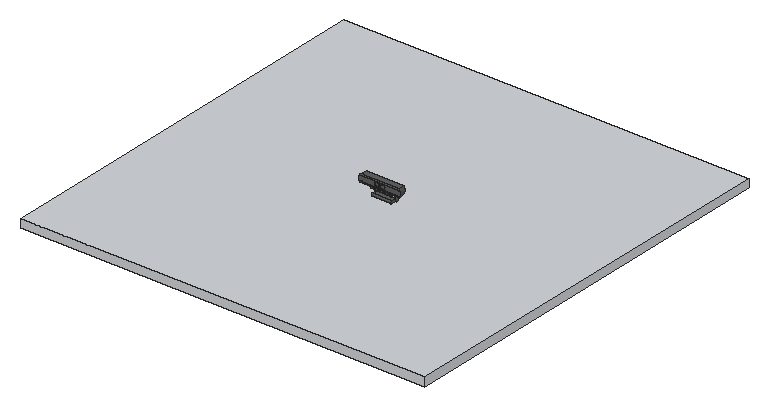
Revit family "Network Camera-ePTZ-Q-SYS-NC-90-G2", category Communication Devices, host Face, Revit 2023
Family settings
  Host = Face
  Round Connector Dimension = Use Diameter
  Part Type = Normal
  OmniClass Number = 23.85.10.14.11
  OmniClass Title = Cameras
  Cut with Voids When Loaded = No
  Maintain Annotation Orientation = No
  Shared = No
  Room Calculation Point = No
Parameters (values of type "Black")
  Weight = 1.50 lbm
  Wall Mounted [instance] = no
  Voltage DC = "PoE (Type 1)"  # constant formula
  Ceiling Mounted [instance] = yes
  Plan Symbol Vertical Offset [instance] = 0
  Plan Symbol Horizontal Offset [instance] = 0
  Pitch [instance] = 0.00°
  Part Number = "NC-90-G2"
  OmniClass Number = "23.85.10.14.11"
  Width = 252.7 mm
  Weight Product = 1.5
  Weight Dimensional = 1.5
  URL = "https://www.qsys.com"
  Type Comments = "Black"
  Sustainability Rating = "n/a"
  Speaker Offset Label [instance] = 0 mm
  Product Page URL = "https://www.qsys.com/products/q-sys/video/nc-series/nc-90/#slide321291_0"
  Product Documentation Link = "https://www.qsys.com/resource-files/productresources/dn/nc_series/q_dn_nc_series_eptzcameras_spec_sheet.pdf"
  Monitor Mounted [instance] = no
  Model = "NC-90-G2"
  Manufacturer URL = "https://www.qsys.com"
  Length 7 = Length 6 - 10 mm  # 109.85 mm
  Length 6 = Width / 2 - Length 5  # 119.85 mm
  Length 5 = 6.5 mm
  Length 4 = 40 mm
  Length 3 = 6 mm
  Length 2 = 54 mm
  Length 1 = 7.5 mm
  Label = ""
  IQ Category = "Network Camera"
  Height = 106 mm
  Offset = 279.4 mm
  Manufacturer = "Q-SYS"
  Highlight Material = Glass - Q-SYS - Lens
  Description = "Network ePTZ conference camera"
  Depth = 56 mm
  Default Elevation = 1219.2 mm
  Coverage Vertical = 120.00°
  Camera Half Width = 40 mm
  Camera Half Height = 44.682 mm
  Camera Front to Center = 73 mm
  Body Radius 2 = 93 mm
  Body Radius 1 = Width / 2  # 126.35 mm
  Body Material = Paint - Q-SYS - Black
  Base Z Offset [instance] = if(Monitor Mounted, 300 mm - Length 2 + 10.3 mm, 300 mm + Length 1)  # 307.5 mm
  Base Height = 100 mm
  Base 1 Width = 120 mm
  Assembly Code = "E1020500"
  Arm Y Offset [instance] = if(Wall Mounted, 30 mm, 0 mm)  # 0 mm
  Camera Pitch [instance] = if(Monitor Mounted, 110.00°, if(Wall Mounted, Pitch + 179.50°, Pitch + 90.00°))  # 90.00°
  Arm Pitch [instance] = if(Monitor Mounted, 70.00°, 90.00°)  # 90.00°
Reference planes
  plane 1 "Center (Front/Back)": y = 0
  plane 2: z = 0
  plane 3 "Center (Left/Right)": x = 0
  plane 4 "Left": x = -126.35
  plane 5 "Right": x = 126.35
  plane 6 "Front": y = -33
  plane 7 "Back": y = 23
  plane 8 "Bottom": z = 0
  plane 9 "Top": z = 106
  plane 10 "base 1 z cl": z = 7.5
  plane 11 "base 1 y cl": y = 0
  plane 12 "base 1 left": x = -60
  plane 13 "base 1 right": x = 60
  plane 14 "arm pivot y cl": y = 15
  plane 15 "arm pivot z cl": z = 7.5
  plane 16: x = 64
  plane 17: x = -64
  plane 18: y = 15
  plane 19: y = -15
  plane 20 "pivot": z = -300
Forms (mm)
  Extrusion 1, solid
    sketch origin (0, 0, 0) x (1, 0, 0) y (0, 1, 0)
      loop
        line (-1219.2, 1219.2) -> (-1219.2, -1219.2) -> (1219.2, -1219.2) -> (1219.2, 1219.2) -> (-1219.2, 1219.2)
    from 0 to -50.8
  Extrusion 2, solid, material "Paint - Q-SYS - Black" <- "Body Material", detail levels medium+fine
    sketch origin (0, 0, 0) x (0, 1, 0) y (0, 0, 1)
      loop
        line (15, 15) -> (-15, 15)
        arc (-15, 15) -> (-22.5, 7.5) -> (-15, 0) r 7.5
        line (-15, 0) -> (15, 0)
        arc (15, 0) -> (22.5, 7.5) -> (15, 15) r 7.5
    from -60 to 60
  Extrusion 3, solid, material "Paint - Q-SYS - Black" <- "Body Material", detail levels medium+fine
    sketch origin (0, 15, 7.5) x (0, 0, 1) y (0, -1, 0)
      loop
        line (0, -6) -> (54, -6)
        arc (54, -6) -> (60, 0) -> (54, 6) r 6
        line (54, 6) -> (0, 6)
        arc (0, 6) -> (-6, 0) -> (0, -6) r 6
    from 64 to 60
  Extrusion 4, solid, material "Paint - Q-SYS - Black" <- "Body Material", detail levels medium+fine
    sketch origin (0, 15, 7.5) x (0, 0, 1) y (0, -1, 0)
      loop
        arc (54, -6) -> (60, 0) -> (54, 6) r 6
        line (54, 6) -> (0, 6)
        arc (0, 6) -> (-6, 0) -> (0, -6) r 6
        line (0, -6) -> (54, -6)
    from -64 to -60
  Extrusion 5, solid, material "Paint - Q-SYS - Black" <- "Body Material", detail levels medium+fine
    sketch origin (0, 15, 61.5) x (0, -1, 0) y (0, 0, -1)
      loop
        line (7, 0) -> (43, 0) -> (43, 12) -> (40, 12) -> (40, 7) -> (-8, 7) -> (-8, -7) -> (7, -7) -> (7, 0)
    from -60 to 60
  Blend 6, solid, material "Paint - Q-SYS - Black" <- "Body Material", detail levels medium+fine
    base sketch origin (0, -80, 61.5) x (0, 0, 1) y (1, 0, 0)
      loop
        line (44.3, -119.85) -> (44.3, 119.85)
        arc (44.3, 119.85) -> (22.15, 126.352) -> (0, 119.85) r 40.98
        line (0, 119.85) -> (0, -119.85)
        arc (0, -119.85) -> (22.15, -126.352) -> (44.3, -119.85) r 40.98
    top sketch origin (0, -80, 61.5) x (0, 0, 1) y (1, 0, 0)
      loop
        line (44.3, -109.85) -> (44.3, 109.85)
        arc (44.3, 109.85) -> (22.15, 116.352) -> (0, 109.85) r 40.98
        line (0, 109.85) -> (0, -109.85)
        arc (0, -109.85) -> (22.15, -116.352) -> (44.3, -109.85) r 40.98
    from 47 to 88
  Extrusion 7, void
    sketch origin (0, -80, 61.5) x (0, 0, 1) y (0, -1, 0)
      loop
        arc (44.3, -52) -> (46.41, -44.89) -> (39.3, -47) r 4.218
        arc (39.3, -47) -> (42.836, -48.464) -> (44.3, -52) r 5
      loop
        arc (0, -52) -> (1.464, -48.464) -> (5, -47) r 5
        arc (5, -47) -> (-2.11, -44.89) -> (0, -52) r 4.218
    from -211.049 to 250
  Extrusion 8, void
    sketch origin (0, -80, 61.5) x (0, 0, 1) y (1, 0, 0)
      loop
        arc (34.15, 25) -> (22.15, 33.009) -> (10.15, 25) r 12.994
        line (10.15, 25) -> (10.15, -25)
        arc (10.15, -25) -> (22.15, -33.009) -> (34.15, -25) r 12.994
        line (34.15, -25) -> (34.15, 25)
    from 0 to 50
  Extrusion 9, void
    sketch origin (0, -80, 61.5) x (0, 0, 1) y (1, 0, 0)
      loop
        circle (22.15, 0) r 7
    from 0 to 52
  Extrusion 10, solid, detail levels coarse
    sketch origin (0, 0, 0) x (1, 0, 0) y (0, 1, 0)
      loop
        line (-126.35, 23) -> (-126.35, -33) -> (126.35, -33) -> (126.35, 23) -> (-126.35, 23)
    from 0 to 106
Cuts and joins
  Extrusion 7, Extrusion 8, Extrusion 9 cuts Blend 6
Lines and regions (mm)
  reference lines
    curve 1: line (0, 15, 7.5) -> (0, 15, 61.5)
    curve 2: line (0, 15, 61.5) -> (0, -80, 61.5)
    curve 3: line (0, -80, 61.5) -> (0, -80, 126.5)
    curve 4: line (0, -33, 83.65) -> (0, -80, 83.65)
Dimensions and locks
  equal spacing: plane 4 "Left", plane 3 "Center (Left/Right)", plane 5 "Right"
  "Width": plane 4 "Left" to plane 5 "Right"
  "Depth": plane 7 "Back" to plane 6 "Front"
  "Height": plane 9 "Top" to plane 8 "Bottom"
  equal spacing: Extrusion 2 sketch curve, plane 10 "base 1 z cl", Extrusion 2 sketch curve
  Extrusion 2 sketch curve to Extrusion 2 sketch curve = 15 mm
  locked: Extrusion 2 sketch curve to plane 11 "base 1 y cl" at 15
  locked: plane 11 "base 1 y cl" to Extrusion 2 sketch curve at 15
  equal spacing: plane 12 "base 1 left", plane 3 "Center (Left/Right)", plane 13 "base 1 right"
  "Base 1 Width": plane 12 "base 1 left" to plane 13 "base 1 right"
  "Length 2": curve 1 to curve 1
  equal spacing: Extrusion 3 sketch curve, curve 1, Extrusion 3 sketch curve
  locked: plane 17 to plane 12 "base 1 left" at 4
  locked: plane 13 "base 1 right" to plane 16 at 4
  locked: curve 1 to curve 2
  locked: Extrusion 5 sketch curve to Extrusion 5 sketch curve at 3
  locked: Extrusion 5 sketch curve to Extrusion 5 sketch curve at 5
  locked: Extrusion 5 sketch curve to Extrusion 5 sketch curve at 7  (x2)
  "Length 4": curve 2 to Extrusion 5 sketch curve
  locked: Extrusion 5 sketch curve to curve 2 at 8
  locked: curve 2 to Extrusion 5 sketch curve at 7
  locked: Blend 6 sketch curve to Blend 6 sketch curve at 44.3
  locked: plane 18 to plane 11 "base 1 y cl" at 15
  locked: plane 11 "base 1 y cl" to plane 19 at 15
  "Arm Y Offset": plane 18 to plane 14 "arm pivot y cl"
  locked: plane 15 "arm pivot z cl" to plane 10 "base 1 z cl"
  locked: plane 8 "Bottom" to plane 20 "pivot" at 300
  "Base Z Offset": plane 10 "base 1 z cl" to plane 20 "pivot"
  locked: plane 1 "Center (Front/Back)" to plane 6 "Front" at 33
  locked: curve 4 to curve 2 at 22.15
  "Length 1": radius of Extrusion 2 sketch curve
  "Length 3": radius of Extrusion 3 sketch curve
  "Arm Pitch": angle plane 15 "arm pivot z cl" to curve 1
  "Camera Pitch": angle curve 2 to curve 1
  locked: curve 2 to curve 3 (angle 90.00°)
  aligned and locked: plane 2 to Extrusion 1
  aligned and locked: level to Extrusion 1
  aligned and locked: level to plane 8 "Bottom"
  aligned and locked: Extrusion 2 to plane 12 "base 1 left"
  aligned and locked: plane 13 "base 1 right" to Extrusion 2
  aligned and locked: plane 15 "arm pivot z cl" to curve 1
  aligned and locked: curve 1 to plane 14 "arm pivot y cl"
  aligned and locked: Extrusion 3 to plane 16
  aligned and locked: Extrusion 3 to plane 13 "base 1 right"
  aligned and locked: Extrusion 4 sketch curve to Extrusion 3  (x2)
  aligned and locked: plane 12 "base 1 left" to Extrusion 4
  aligned and locked: Extrusion 4 to plane 17
  aligned and locked: curve 2 to Extrusion 5 sketch curve
  aligned and locked: Extrusion 5 to plane 12 "base 1 left"
  aligned and locked: plane 13 "base 1 right" to Extrusion 5
  aligned and locked: curve 2 to curve 3
  aligned and locked: curve 3 to curve 2
  aligned and locked: var sketch to Blend 6 sketch curve  (x2)
  aligned and locked: nested 1 to Extrusion 1
  aligned and locked: plane 3 "Center (Left/Right)" to nested 1
  aligned and locked: nested 2 to plane 3 "Center (Left/Right)"
  aligned and locked: nested 2 to plane 1 "Center (Front/Back)"
  aligned and locked: plane 4 "Left" to Extrusion 10 sketch curve
  aligned and locked: Extrusion 10 sketch curve to plane 5 "Right"
  aligned and locked: Extrusion 10 sketch curve to plane 7 "Back"
  aligned and locked: plane 6 "Front" to Extrusion 10 sketch curve
  aligned and locked: Extrusion 10 to level
  aligned and locked: plane 9 "Top" to Extrusion 10
Automatic sketch dimensions
  Extrusion 1 sketch curve to Extrusion 1 sketch curve = 2438.4 mm  (x2)
  Blend 6 sketch curve to curve 3 = 0 mm
  Blend 6 sketch curve to curve 3 = 119.85 mm
  curve 3 to Blend 6 sketch curve = 119.85 mm
  curve 3 to Blend 6 sketch curve = 22.15 mm  (x3)
  Blend 6 sketch curve to curve 3 = 85.372 mm
  curve 3 to Blend 6 sketch curve = 85.372 mm
  Blend 6 sketch curve to curve 3 = 109.85 mm  (x2)
  curve 3 to Blend 6 sketch curve = 109.85 mm
  Blend 6 sketch curve to curve 3 = 75.372 mm
  curve 3 to Blend 6 sketch curve = 75.372 mm
  curve 3 to Extrusion 7 sketch curve = 0 mm
  Extrusion 7 sketch curve to curve 3 = 52 mm  (x2)
  curve 3 to Extrusion 7 sketch curve = 0.873 mm
  curve 3 to Extrusion 7 sketch curve = 5 mm
  Extrusion 7 sketch curve to curve 3 = 25.7 mm
  Extrusion 7 sketch curve to Extrusion 7 sketch curve = 4.127 mm
  Extrusion 7 sketch curve to Extrusion 7 sketch curve = 0.873 mm
  Extrusion 8 sketch curve to Extrusion 8 sketch curve = 12 mm  (x3)
  curve 3 to Extrusion 8 sketch curve = 20.014 mm
  Extrusion 8 sketch curve to Extrusion 8 sketch curve = 4.986 mm  (x2)
  Extrusion 8 sketch curve to curve 3 = 20.014 mm
  curve 3 to Extrusion 8 sketch curve = 10.15 mm
  curve 4 to curve 3 = 0 mm
  curve 4 to curve 3 = 47 mm
  Extrusion 9 sketch curve to curve 3 = 0 mm
  curve 3 to Extrusion 9 sketch curve = 22.15 mm
  curve 1 to Extrusion 3 sketch curve = 0 mm
  Extrusion 3 sketch curve to curve 1 = 0 mm
  radius of Extrusion 9 sketch curve = 7 mm
Nested families
  nested 1: "Annotation Symbol - Face Based - Security Camera" at (0, 0, 0) x (1, 0, 0) z (0, -1, 0), Plan Symbol Horizontal Offset <- "Plan Symbol Horizontal Offset", Plan Symbol Vertical Offset <- "Plan Symbol Vertical Offset", type "Standard", detail levels coarse
    with Plan Symbol Vertical Offset 0, Plan Symbol Horizontal Offset 0, Label "", Emergency no, Angle 0.00°
  nested 2: "Annotation Symbol - Face Based - Security Camera" at (0, 0, 100) x (-1, 0, 0) z (0, 0, 1), Plan Symbol Horizontal Offset <- "Plan Symbol Horizontal Offset", Plan Symbol Vertical Offset <- "Plan Symbol Vertical Offset", type "Standard", detail levels coarse
    with Plan Symbol Vertical Offset 0, Plan Symbol Horizontal Offset 0, Label "", Emergency no, Angle 0.00°
Connectors
  electrical at (0, 8, 83.65)
    settings: on cut or joined group of Blend 6, Extrusion 7, Extrusion 8, Extrusion 9, index 1, voltage 0 V, apparent load 0 VA, apparent load phase1 0 VA, apparent load phase2 0 VA, apparent load phase3 0 VA, power factor 1, load classification "Other", number of poles 1, system type 14, power factor state 1, is connector primary yes, connector utility no, sub classification motor no, connector description "LAN/PoE"
Definition of nested family "Annotation Symbol - Face Based - Security Camera"
  Parameters (values of type "Standard")
    Plan Symbol Vertical Offset [instance] = 0
    Plan Symbol Horizontal Offset [instance] = 0
    Label [instance] = ""
    Emergency [instance] = no
    Default Elevation = 1219.2 mm
    Angle [instance] = 0.00°
  Reference planes
    plane 1 "Center (Front/Back)": y = 0
    plane 2: z = 0
    plane 3 "Center (Left/Right)": x = 0
  Forms (mm)
    Extrusion 1, solid
      sketch origin (0, 0, 0) x (1, 0, 0) y (0, 1, 0)
        loop
          line (-1219.2, 1219.2) -> (-1219.2, -1219.2) -> (1219.2, -1219.2) -> (1219.2, 1219.2) -> (-1219.2, 1219.2)
      from 0 to -304.8
  Dimensions and locks
    aligned and locked: plane 2 to Extrusion 1
    aligned and locked: level to Extrusion 1
    aligned and locked: plane 3 "Center (Left/Right)" to nested 1
    aligned and locked: plane 1 "Center (Front/Back)" to nested 1
  Nested families
    nested 1: "Annotation Symbol - Security Camera" at (0, 0, 0), Plan Symbol Vertical Offset <- "Plan Symbol Vertical Offset", Plan Symbol Horizontal Offset <- "Plan Symbol Horizontal Offset", Emergency <- "Emergency", Label <- "Label", type "Standard"
      with Vertical Offset 100 mm, Plan Symbol Vertical Offset 0, Plan Symbol Horizontal Offset 0, Label "", Horizontal Offset 100 mm, Emergency no
  Definition of nested family "Annotation Symbol - Security Camera"
    Parameters (values of type "Standard")
      Vertical Offset [instance] = Plan Symbol Vertical Offset * Generic Symbol Height + 100 mm  # 100 mm
      Plan Symbol Vertical Offset [instance] = 0
      Plan Symbol Horizontal Offset [instance] = 0
      Label [instance] = ""
      Horizontal Offset [instance] = Plan Symbol Horizontal Offset * Generic Symbol Width + 100 mm  # 100 mm
      Generic Symbol Width = 5 mm
      Generic Symbol Height = 8 mm
      Emergency [instance] = no
      Angle = 0.00°
    Reference planes
      plane 1: y = 0
      plane 2: x = 0
    Lines and regions (mm)
      reference lines, not visible
        curve 1: line (-92.103, -100, 0) -> (87.897, -100, 0)
        curve 2: line (-100, 85.561, 0) -> (-100, -74.439, 0)
    Text (mm)
      label "Label" at (9.761, 6.714, 0), shows "Label"
    Dimensions and locks
      locked: curve 2 to plane 2 at 100
      locked: curve 1 to plane 1 at 100
      "Vertical Offset": curve 1 to nested 1
      "Horizontal Offset": curve 2 to nested 1
    Automatic sketch dimensions
      curve 2 to curve 1 = 7.897 mm
      plane 2 to curve 1 = 87.897 mm
      curve 1 to curve 2 = 25.561 mm
      curve 2 to plane 1 = 85.561 mm
    Nested families
      nested 1: "Annotation Symbol - Security Camera Rotation" at (0, 0, 0), type "Pendant"
        with Label "", Emergency no
    Definition of nested family "Annotation Symbol - Security Camera Rotation"
      Parameters (values of type "Pendant")
        Label [instance] = ""
        Emergency [instance] = no
        Angle = 0.00°
      Reference planes
        plane 1: y = 0
        plane 2: x = 0
      Lines and regions (mm)
        Filled region 1, type "Filled region 1"
          outline origin (0, 0, 0) x (0, 1, 0) y (-1, 0, 0)
            loop
              line (5, -1.5) -> (5, 0.479) -> (5, 1.5) -> (0, 1.5) -> (0, -1.5) -> (5, -1.5)
        Filled region 2, type "Filled region 1"
          outline origin (0, 0, 0) x (0, 1, 0) y (-1, 0, 0)
            loop
              line (7, -2) -> (7, 2) -> (5, 0) -> (7, -2)
        Filled region 3, type "Filled region 1", not visible
          outline origin (0, 0, 0) x (0, 1, 0) y (-1, 0, 0)
            loop
              line (5, -1.5) -> (5, 0.479) -> (5, 1.5) -> (0, 1.5) -> (0, -1.5) -> (5, -1.5)
        Filled region 4, type "Filled region 1", not visible
          outline origin (0, 0, 0) x (0, 1, 0) y (-1, 0, 0)
            loop
              line (7, -2) -> (7, 2) -> (5, 0) -> (7, -2)
        reference lines
          curve 1: line (0, 0, 0) -> (0, 12.246, 0)
          curve 2: line (0, 3, 0) -> (0, 0, 0)
        reference lines, not visible
          curve 3: line (0, 0, 0) -> (0, 12.246, 0)
          curve 4: line (0, 3, 0) -> (0, 0, 0)
        detail lines
          curve 5: line (-2, 7, 0) -> (2, 7, 0)
          curve 6: line (-1.5, 0, 0) -> (-1.5, 5, 0)
          curve 7: line (1.5, 0, 0) -> (-1.5, 0, 0)
          curve 8: line (1.5, 5, 0) -> (1.5, 0, 0)
          curve 9: line (0, 5, 0) -> (-1.5, 5, 0)
          curve 10: line (0, 5, 0) -> (1.5, 5, 0)
          curve 17: line (-2, 7, 0) -> (0, 5, 0)
          curve 18: line (2, 7, 0) -> (0, 5, 0)
        detail lines, not visible
          curve 11: line (-2, 7, 0) -> (2, 7, 0)
          curve 12: line (-1.5, 0, 0) -> (-1.5, 5, 0)
          curve 13: line (1.5, 0, 0) -> (-1.5, 0, 0)
          curve 14: line (1.5, 5, 0) -> (1.5, 0, 0)
          curve 15: line (0, 5, 0) -> (-1.5, 5, 0)
          curve 16: line (0, 5, 0) -> (1.5, 5, 0)
          curve 19: line (-2, 7, 0) -> (0, 5, 0)
          curve 20: line (2, 7, 0) -> (0, 5, 0)
      Dimensions and locks
        curve 6 to curve 1 to curve 8 = 1.5 mm, 1.5 mm
        curve 12 to curve 3 to curve 14 = 1.5 mm, 1.5 mm
        locked: curve 7 to curve 5 at 7
        locked: curve 13 to curve 11 at 7
        locked: curve 2 to Filled region 2 sketch curve at 7
        locked: curve 4 to Filled region 4 sketch curve at 7
        "Angle": angle curve 1 to curve 2
        "Angle": angle curve 3 to curve 4
        locked: curve 17 to curve 5 (angle 45.00°)
        locked: curve 5 to curve 18 (angle 45.00°)
        locked: curve 19 to curve 11 (angle 45.00°)
        locked: curve 11 to curve 20 (angle 45.00°)
        aligned and locked: plane 1 to curve 1
        aligned and locked: plane 2 to curve 1
        aligned and locked: curve 8 to Filled region 1 sketch curve
        aligned and locked: curve 7 to Filled region 1 sketch curve
        aligned and locked: curve 6 to Filled region 1 sketch curve
        aligned and locked: Filled region 1 sketch curve to curve 9
        aligned and locked: Filled region 1 sketch curve to curve 10
        aligned and locked: Filled region 2 sketch curve to curve 18
        aligned and locked: Filled region 2 sketch curve to curve 17
        aligned and locked: curve 14 to Filled region 3 sketch curve
        aligned and locked: curve 13 to Filled region 3 sketch curve
        aligned and locked: curve 12 to Filled region 3 sketch curve
        aligned and locked: Filled region 3 sketch curve to curve 15
        aligned and locked: Filled region 3 sketch curve to curve 16
        aligned and locked: Filled region 4 sketch curve to curve 20
        aligned and locked: Filled region 4 sketch curve to curve 19
        aligned and locked: curve 7 to curve 1
        aligned and locked: curve 13 to curve 3
      Automatic sketch dimensions
        curve 1 to curve 2 = 0 mm  (x2)
        curve 2 to curve 2 = 3 mm
        curve 3 to curve 4 = 0 mm  (x2)
        curve 4 to curve 4 = 3 mm
        Filled region 1 sketch curve to curve 1 = 0.479 mm
        Filled region 3 sketch curve to curve 3 = 0.479 mm
        curve 6 to curve 1 = 0 mm
        curve 18 to curve 1 = 0 mm
        curve 8 to curve 5 = 2 mm
        curve 12 to curve 3 = 0 mm
        curve 20 to curve 3 = 0 mm
        curve 14 to curve 11 = 2 mm
